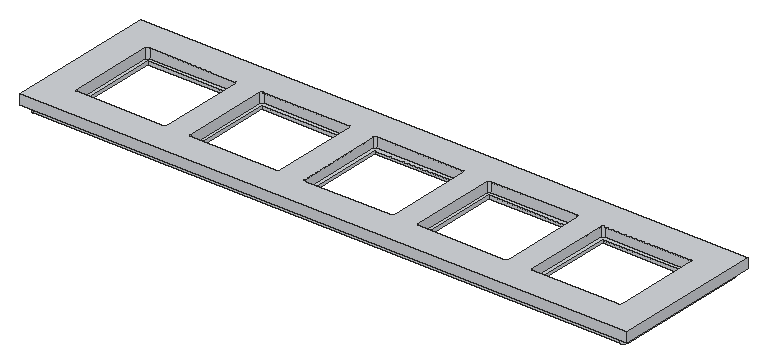
Revit family "Gira_021518", category Electrical Fixtures, host Face, Revit 2017
Family settings
  Host = Face
  Maintain Annotation Orientation = No
  Round Connector Dimension = Use Diameter
  Part Type = Normal
  Cut with Voids When Loaded = No
  Shared = No
  Room Calculation Point = No
Parameters (values of type "Cov.fr. 5-g Gira Esprit mint gl.")
  With mounting grid = "No"
  With hinged lid = "No"
  URL = "http://katalog.gira.de/en/datenblatt.html?artikelnr=021518"
  Type of fastening = "Clamp mounting"
  Transparent = "No"
  Surface protection = "Other"
  Suitable for wall duct = "No"
  Suitable for flush-mounted installation = "Yes"
  Suitable for floor box = "No"
  Suitable for built-in installation = "No"
  Number of units vertical = "5"
  Number of units horizontal = "5"
  Number of units = "5"
  Name = "Cov.fr. 5-g Gira Esprit mint gl."
  Mounting direction = "Horizontal and vertical"
  Material quality = "Real glass"
  Material = "Glass"
  Manufacturer URL = "https://www.gira.de/"
  Manufacturer = "Gira"
  Label space/information surface = "No"
  Keynote = ""
  HeinzeBIM = "https://bimportal.heinze.de/bim/cov-fr-5-g-gira-esprit-mint-gl-/d037214e96428c185ccd00f603b1e026617dd4ff"
  Halogen free = "No"
  HAN = "021518"
  GTIN = "4010337215189"
  Description = "Cov.fr.5g Espr. GMi,Gira Esprit cover frame,mint glass,5-gang,"
  Degree of protection (IP) = "IP20"
  Default Elevation = 1219.2 mm
  Data sheet (1) = "https://katalog.gira.de/en/download.html?artikelnr=021518"
  Colour = "Green"
  Category = "Cover frame for domestic switching devices"
  BIM (1) = "https://media.stage.bim.site/public/gira/36a6b08/Espr._Rahmen_5fach.rfa"
  Available = "No"
Reference planes
  plane 1 "Center (Front/Back)": y = 0
  plane 2: z = 0
  plane 3 "Center (Left/Right)": x = 0
Forms (mm)
  Extrusion 1, solid, detail levels fine
    sketch origin (0, 0, 0) x (1, 0, 0) y (0, 1, 0)
      loop
        line (-190.1, 47.5) -> (-190.1, -47.5) -> (190.1, -47.5) -> (190.1, 47.5) -> (-190.1, 47.5)
      loop
        arc (-170.9, -26.8) -> (-170.461, -27.861) -> (-169.4, -28.3) r 1.5
        line (-169.4, -28.3) -> (-115.8, -28.3)
        arc (-115.8, -28.3) -> (-114.739, -27.861) -> (-114.3, -26.8) r 1.5
        line (-114.3, -26.8) -> (-114.3, 26.8)
        arc (-114.3, 26.8) -> (-114.739, 27.861) -> (-115.8, 28.3) r 1.5
        line (-115.8, 28.3) -> (-169.4, 28.3)
        arc (-169.4, 28.3) -> (-170.461, 27.861) -> (-170.9, 26.8) r 1.5
        line (-170.9, 26.8) -> (-170.9, -26.8)
      loop
        arc (-99.6, -26.8) -> (-99.161, -27.861) -> (-98.1, -28.3) r 1.5
        line (-98.1, -28.3) -> (-44.5, -28.3)
        arc (-44.5, -28.3) -> (-43.439, -27.861) -> (-43, -26.8) r 1.5
        line (-43, -26.8) -> (-43, 26.8)
        arc (-43, 26.8) -> (-43.439, 27.861) -> (-44.5, 28.3) r 1.5
        line (-44.5, 28.3) -> (-98.1, 28.3)
        arc (-98.1, 28.3) -> (-99.161, 27.861) -> (-99.6, 26.8) r 1.5
        line (-99.6, 26.8) -> (-99.6, -26.8)
      loop
        arc (-28.3, -26.8) -> (-27.861, -27.861) -> (-26.8, -28.3) r 1.5
        line (-26.8, -28.3) -> (26.8, -28.3)
        arc (26.8, -28.3) -> (27.861, -27.861) -> (28.3, -26.8) r 1.5
        line (28.3, -26.8) -> (28.3, 26.8)
        arc (28.3, 26.8) -> (27.861, 27.861) -> (26.8, 28.3) r 1.5
        line (26.8, 28.3) -> (-26.8, 28.3)
        arc (-26.8, 28.3) -> (-27.861, 27.861) -> (-28.3, 26.8) r 1.5
        line (-28.3, 26.8) -> (-28.3, -26.8)
      loop
        arc (43, -26.8) -> (43.439, -27.861) -> (44.5, -28.3) r 1.5
        line (44.5, -28.3) -> (98.1, -28.3)
        arc (98.1, -28.3) -> (99.161, -27.861) -> (99.6, -26.8) r 1.5
        line (99.6, -26.8) -> (99.6, 26.8)
        arc (99.6, 26.8) -> (99.161, 27.861) -> (98.1, 28.3) r 1.5
        line (98.1, 28.3) -> (44.5, 28.3)
        arc (44.5, 28.3) -> (43.439, 27.861) -> (43, 26.8) r 1.5
        line (43, 26.8) -> (43, -26.8)
      loop
        arc (114.3, -26.8) -> (114.739, -27.861) -> (115.8, -28.3) r 1.5
        line (115.8, -28.3) -> (169.4, -28.3)
        arc (169.4, -28.3) -> (170.461, -27.861) -> (170.9, -26.8) r 1.5
        line (170.9, -26.8) -> (170.9, 26.8)
        arc (170.9, 26.8) -> (170.461, 27.861) -> (169.4, 28.3) r 1.5
        line (169.4, 28.3) -> (115.8, 28.3)
        arc (115.8, 28.3) -> (114.739, 27.861) -> (114.3, 26.8) r 1.5
        line (114.3, 26.8) -> (114.3, -26.8)
    from 0 to 6
  Extrusion 2, solid, detail levels fine
    sketch origin (0, 0, 0) x (1, 0, 0) y (0, 1, 0)
      loop
        line (-168.5, -25.7) -> (-116.7, -25.7) -> (-116.7, 25.7) -> (-168.5, 25.7) -> (-168.5, -25.7)
      loop
        line (25.9, 25.7) -> (-25.9, 25.7) -> (-25.9, -25.7) -> (25.9, -25.7) -> (25.9, 25.7)
      loop
        arc (-185.5, -41.4) -> (-184.973, -42.673) -> (-183.7, -43.2) r 1.8
        line (-183.7, -43.2) -> (183.7, -43.2)
        arc (183.7, -43.2) -> (184.973, -42.673) -> (185.5, -41.4) r 1.8
        line (185.5, -41.4) -> (185.5, 41.4)
        arc (185.5, 41.4) -> (184.973, 42.673) -> (183.7, 43.2) r 1.8
        line (183.7, 43.2) -> (-183.7, 43.2)
        arc (-183.7, 43.2) -> (-184.973, 42.673) -> (-185.5, 41.4) r 1.8
        line (-185.5, 41.4) -> (-185.5, -41.4)
      loop
        line (-45.4, 25.7) -> (-97.2, 25.7) -> (-97.2, -25.7) -> (-45.4, -25.7) -> (-45.4, 25.7)
      loop
        line (97.2, 25.7) -> (45.4, 25.7) -> (45.4, -25.7) -> (97.2, -25.7) -> (97.2, 25.7)
      loop
        line (168.5, 25.7) -> (116.7, 25.7) -> (116.7, -25.7) -> (168.5, -25.7) -> (168.5, 25.7)
    from -1.9 to 0
  Extrusion 3, solid, detail levels fine
    sketch origin (0, 0, 0) x (1, 0, 0) y (0, 1, 0)
      loop
        arc (-183.7, 44.4) -> (-185.821, 43.521) -> (-186.7, 41.4) r 3
        line (-186.7, 41.4) -> (-186.7, -41.4)
        arc (-186.7, -41.4) -> (-185.821, -43.521) -> (-183.7, -44.4) r 3
        line (-183.7, -44.4) -> (183.7, -44.4)
        arc (183.7, -44.4) -> (185.821, -43.521) -> (186.7, -41.4) r 3
        line (186.7, -41.4) -> (186.7, 41.4)
        arc (186.7, 41.4) -> (185.821, 43.521) -> (183.7, 44.4) r 3
        line (183.7, 44.4) -> (-183.7, 44.4)
      loop
        arc (-185.5, -41.4) -> (-184.973, -42.673) -> (-183.7, -43.2) r 1.8
        line (-183.7, -43.2) -> (183.7, -43.2)
        arc (183.7, -43.2) -> (184.973, -42.673) -> (185.5, -41.4) r 1.8
        line (185.5, -41.4) -> (185.5, 41.4)
        arc (185.5, 41.4) -> (184.973, 42.673) -> (183.7, 43.2) r 1.8
        line (183.7, 43.2) -> (-183.7, 43.2)
        arc (-183.7, 43.2) -> (-184.973, 42.673) -> (-185.5, 41.4) r 1.8
        line (-185.5, 41.4) -> (-185.5, -41.4)
    from -3.7 to 0
  Extrusion 4, solid, detail levels medium
    sketch origin (0, 0, 0) x (1, 0, 0) y (0, 1, 0)
      loop
        line (-190.1, 47.5) -> (-190.1, -47.5) -> (190.1, -47.5) -> (190.1, 47.5) -> (-190.1, 47.5)
    from 0 to 6
  Extrusion 5, solid, detail levels medium
    sketch origin (0, 0, 0) x (1, 0, 0) y (0, 1, 0)
      loop
        line (-190.1, 44.4) -> (-190.1, -44.4) -> (190.1, -44.4) -> (190.1, 44.4) -> (-190.1, 44.4)
    from -3.7 to 0
  Extrusion 6, solid, detail levels coarse
    sketch origin (0, 0, 0) x (1, 0, 0) y (0, 1, 0)
      loop
        line (-190.1, 47.5) -> (-190.1, -47.5) -> (190.1, -47.5) -> (190.1, 47.5) -> (-190.1, 47.5)
    from -3.7 to 6
Dimensions and locks
  aligned and locked: plane 2 to host face
  aligned and locked: level to host face
